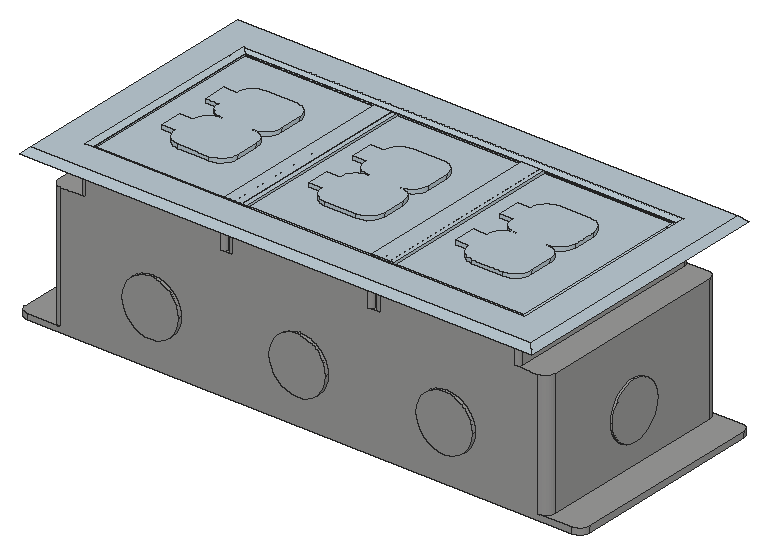
Revit family "Electrical_Equipment-Floor_Box-Hubbell_Wiring-3_Gang-Rectangular_Stamped_Steel-B2433", category Electrical Fixtures, host Face, Revit 2015
Parameters (values of type "BA2433 - 3 Gang - Aluminum Collar")
  Unit Height [instance] = 0' - 3 23/32"  # constant formula
  URL = "http://www.hubbell-wiring.com/"
  Right Cover Type [instance] = Covers : SA3825 - Duplex Flap - Aluminum
  Product data url = "https://bimobject.com/hubbellwiring/product/systemone-b2433"
  Product Page URL = "http://ecatalog.hubbell-wiring.com/productinformation/viewcatalog.aspx?Dest=hubbell-wiring.com/press/catalog/L.pdf&Page=4"
  Product Documentation Link = "http://ecatalog.hubbell-wiring.com/press/catalog/L-13.pdf"
  Model = "BA2433"
  Manufacturer = "Hubbell-Wiring"  # constant formula
  Left Cover Type [instance] = Covers : SA3825 - Duplex Flap - Aluminum
  Floor Box Type = Stamped Steel Concrete Floor Box : BA2433 - Deep Concrete Floor Box
  Description = "Flush Rectangular Stamped Steel Concrete Floor Box"  # constant formula
  Default Elevation = 0' - 0"
  Cover Accessory Type [instance] = Carpet Flange : SA3085 - Carpet Flange - Aluminum
  Construction Note [instance] = "Match Collar Material to Covers"  # constant formula
  Conduit Connector_9 Description = "Conduit 1.25in, 1.0in or 0.75in. Connection"
  Conduit Connector_8 Description = "Conduit 1.25in, 1.0in or 0.75in. Connection"
  Conduit Connector_7 Description = "Conduit 1.25in, 1.0in or 0.75in. Connection"
  Conduit Connector_6 Description = "Conduit 1.25in, 1.0in or 0.75in. Connection"
  Conduit Connector_5 Description = "Conduit 1.25in, 1.0in or 0.75in. Connection"
  Conduit Connector_4 Description = "Conduit 1.25in, 1.0in or 0.75in. Connection"
  Conduit Connector_3 Description = "Conduit 1.25in, 1.0in or 0.75in. Connection"
  Conduit Connector_2 Description = "Conduit 1.25in, 1.0in or 0.75in. Connection"
  Conduit Connector_14 Description = "Conduit 1.25in, 1.0in or 0.75in. Connection"
  Conduit Connector_13 Description = "Conduit 1.25in, 1.0in or 0.75in. Connection"
  Conduit Connector_12 Description = "Conduit 1.25in, 1.0in or 0.75in. Connection"
  Conduit Connector_11 Description = "Conduit 1.25in, 1.0in or 0.75in. Connection"
  Conduit Connector_10 Description = "Conduit 1.25in, 1.0in or 0.75in. Connection"
  Conduit Connector_1 Description = "Conduit 1.25in, 1.0in or 0.75in. Connection"
  Conduit Connector 1 Radius = 0' - 0 5/8"
  Collar Material = Metal-Hubbell-Aluminum
  Center Cover Type [instance] = Covers : SA3825 - Duplex Flap - Aluminum
  Box Material = Metal-Hubbell-Stamped Steel
  Assembly Code = "D5020115"
Types (2): name | Right Cover Type | Model | Left Cover Type | Floor Box Type | Cover Accessory Type | Collar Material | Center Cover Type
  B2433 - 3 Gang - Brass Collar | Covers : S3825 - Duplex Flap - Brass | "B2433" | Covers : S3825 - Duplex Flap - Brass | Stamped Steel Concrete Floor Box : B2433 - Deep Concrete Floor Box | Carpet Flange : SB3085 - Carpet Flange - Brass | Metal-Hubbell-Brass | Covers : S3825 - Duplex Flap - Brass
  BA2433 - 3 Gang - Aluminum Collar | Covers : SA3825 - Duplex Flap - Aluminum | "BA2433" | Covers : SA3825 - Duplex Flap - Aluminum | Stamped Steel Concrete Floor Box : BA2433 - Deep Concrete Floor Box | Carpet Flange : SA3085 - Carpet Flange - Aluminum | Metal-Hubbell-Aluminum | Covers : SA3825 - Duplex Flap - Aluminum
Reference planes (in)
  plane 1 "Center (Front/Back)": y = 0
  plane 2: z = 0
  plane 3 "Center (Left/Right)": x = 0
  plane 4: y = -2.078
  plane 5: y = 2.078
  plane 6: x = -4.8627
  plane 7: x = 4.8627
Forms (in)
  Extrusion 1, void, detail levels fine
    sketch origin (0, 0, 0) x (1, 0, 0) y (0, 1, 0)
      loop
        line (-4.8627, 2.078) -> (-4.8627, -2.078) -> (4.8627, -2.078) -> (4.8627, 2.078) -> (-4.8627, 2.078)
    from 0 to -3.71875
Lines and regions (in)
  symbolic lines
    curve 1: line (-5.66992, 3, 0) -> (5.66992, 3, 0)
    curve 2: line (-5.66992, -3, 0) -> (-5.66992, 3, 0)
    curve 3: line (5.66992, -3, 0) -> (-5.66992, -3, 0)
    curve 4: line (5.66992, 3, 0) -> (5.66992, -3, 0)
Dimensions and locks (in)
  host face to nested 2 = 0' - 0 11/256"
  plane 5 to plane 1 "Center (Front/Back)" to plane 4 = 0' - 2.078" locked, 0' - 2.078" locked
  plane 6 to plane 3 "Center (Left/Right)" to plane 7 = 0' - 4.8627", 0' - 4.8627"
  Extrusion 1 to plane 3 "Center (Left/Right)" = 0' - 4.8627"
  plane 6 to plane 3 "Center (Left/Right)" to plane 7 = 0' - 4.8627" locked, 0' - 4.8627" locked
  nested 5 to host face = 0' - 0 1/16"
  locked: host face to nested 2 at 0.09313
  aligned and locked: plane 2 to host face
  aligned and locked: level to host face
  aligned: level to Extrusion 1
  aligned and locked: plane 1 "Center (Front/Back)" to nested 1
  aligned and locked: plane 3 "Center (Left/Right)" to nested 1
  aligned: nested 1 to plane 2  (x3)
  aligned: nested 1 to Extrusion 1  (x2)
  aligned and locked: host face to Extrusion 1
  aligned: plane 3 "Center (Left/Right)" to nested 2
  aligned and locked: plane 1 "Center (Front/Back)" to nested 2
  aligned and locked: Extrusion 1 to plane 5
  aligned and locked: Extrusion 1 to plane 4
  aligned and locked: plane 6 to Extrusion 1
  aligned and locked: plane 7 to Extrusion 1
  aligned and locked: plane 1 "Center (Front/Back)" to nested 3
  aligned and locked: plane 3 "Center (Left/Right)" to nested 4
  aligned and locked: plane 1 "Center (Front/Back)" to nested 4
  aligned: plane 2 to nested 2
  aligned and locked: nested 1 to plane 2
  aligned and locked: nested 2 to nested 4
  aligned and locked: nested 2 to nested 3
  aligned and locked: curve 1 to nested 1
  aligned and locked: curve 2 to nested 1
  aligned and locked: curve 3 to nested 1
  aligned and locked: curve 4 to nested 1
Nested families (in)
  nested 1: "Carpet Flange" at (0, 0, 0), type <- "Cover Accessory Type", type "SA3085 - Carpet Flange - Aluminum"
  nested 2: "Covers" at (-3.25824, 0, -0.04297), type <- "Left Cover Type", type "SA3825 - Duplex Flap - Aluminum"
  nested 3: "Covers" at (3.2578, 0, -0.04297), type <- "Right Cover Type", type "SA3825 - Duplex Flap - Aluminum"
  nested 4: "Covers" at (0, 0, -0.04297), type <- "Center Cover Type", type "SA3825 - Duplex Flap - Aluminum"
  nested 5: "Stamped Steel Concrete Floor Box" at (0, 0, 0), Unit Height <- "Unit Height", type <- "Floor Box Type", type "BA2433 - Deep Concrete Floor Box"
    with Unit Height 0' - 3 23/32"
Connectors (in)
  cabletrayconduit at (-3.25824, -2.4075, -2.46875), diameter 1.25, driven by "Conduit Connector 1 Radius", driven by "Conduit Connector_1 Description"
    settings: on nested 5, index 1, connector width 1' - 0", connector height 1' - 0", connector angle 0.00°, system type 32, placement type 0, profile type 0, connector reference index -1, is primary connector yes, connector utility param no, connector description "Conduit 1.25in, 1.0in or 0.75in. Connection"
  cabletrayconduit at (0, -2.4075, -2.46875), diameter 1.25, driven by "Conduit Connector 1 Radius", driven by "Conduit Connector_2 Description"
    settings: on nested 5, index 2, connector width 1' - 0", connector height 1' - 0", connector angle 0.00°, system type 32, placement type 0, profile type 0, connector reference index -1, is primary connector no, connector utility param no, connector description "Conduit 1.25in, 1.0in or 0.75in. Connection"
  cabletrayconduit at (3.25824, -2.4075, -2.46875), diameter 1.25, driven by "Conduit Connector 1 Radius", driven by "Conduit Connector_3 Description"
    settings: on nested 5, index 3, connector width 1' - 0", connector height 1' - 0", connector angle 0.00°, system type 32, placement type 0, profile type 0, connector reference index -1, is primary connector no, connector utility param no, connector description "Conduit 1.25in, 1.0in or 0.75in. Connection"
  cabletrayconduit at (5.55938, 0, -2.46875), diameter 1.25, driven by "Conduit Connector 1 Radius", driven by "Conduit Connector_4 Description"
    settings: on nested 5, index 4, connector width 1' - 0", connector height 1' - 0", connector angle 0.00°, system type 32, placement type 0, profile type 0, connector reference index -1, is primary connector no, connector utility param no, connector description "Conduit 1.25in, 1.0in or 0.75in. Connection"
  cabletrayconduit at (3.25824, 2.4075, -2.46875), diameter 1.25, driven by "Conduit Connector 1 Radius", driven by "Conduit Connector_5 Description"
    settings: on nested 5, index 5, connector width 1' - 0", connector height 1' - 0", connector angle 0.00°, system type 32, placement type 0, profile type 0, connector reference index -1, is primary connector no, connector utility param no, connector description "Conduit 1.25in, 1.0in or 0.75in. Connection"
  cabletrayconduit at (0, 2.4075, -2.46875), diameter 1.25, driven by "Conduit Connector 1 Radius", driven by "Conduit Connector_6 Description"
    settings: on nested 5, index 6, connector width 1' - 0", connector height 1' - 0", connector angle 0.00°, system type 32, placement type 0, profile type 0, connector reference index -1, is primary connector no, connector utility param no, connector description "Conduit 1.25in, 1.0in or 0.75in. Connection"
  cabletrayconduit at (-3.25824, 2.4075, -2.46875), diameter 1.25, driven by "Conduit Connector 1 Radius", driven by "Conduit Connector_7 Description"
    settings: on nested 5, index 7, connector width 1' - 0", connector height 1' - 0", connector angle 0.00°, system type 32, placement type 0, profile type 0, connector reference index -1, is primary connector no, connector utility param no, connector description "Conduit 1.25in, 1.0in or 0.75in. Connection"
  cabletrayconduit at (-5.56562, 0, -2.46875), diameter 1.25, driven by "Conduit Connector 1 Radius", driven by "Conduit Connector_8 Description"
    settings: on nested 5, index 8, connector width 1' - 0", connector height 1' - 0", connector angle 0.00°, system type 32, placement type 0, profile type 0, connector reference index -1, is primary connector no, connector utility param no, connector description "Conduit 1.25in, 1.0in or 0.75in. Connection"
  cabletrayconduit at (-3.25824, -1, -3.78125), diameter 1.25, driven by "Conduit Connector 1 Radius", driven by "Conduit Connector_9 Description"
    settings: on nested 5, index 9, connector width 1' - 0", connector height 1' - 0", connector angle 0.00°, system type 32, placement type 0, profile type 0, connector reference index -1, is primary connector no, connector utility param no, connector description "Conduit 1.25in, 1.0in or 0.75in. Connection"
  cabletrayconduit at (0, -1, -3.78125), diameter 1.25, driven by "Conduit Connector 1 Radius", driven by "Conduit Connector_10 Description"
    settings: on nested 5, index 10, connector width 1' - 0", connector height 1' - 0", connector angle 0.00°, system type 32, placement type 0, profile type 0, connector reference index -1, is primary connector no, connector utility param no, connector description "Conduit 1.25in, 1.0in or 0.75in. Connection"
  cabletrayconduit at (3.25824, -1, -3.78125), diameter 1.25, driven by "Conduit Connector 1 Radius", driven by "Conduit Connector_11 Description"
    settings: on nested 5, index 11, connector width 1' - 0", connector height 1' - 0", connector angle 0.00°, system type 32, placement type 0, profile type 0, connector reference index -1, is primary connector no, connector utility param no, connector description "Conduit 1.25in, 1.0in or 0.75in. Connection"
  cabletrayconduit at (3.25824, 1, -3.78125), diameter 1.25, driven by "Conduit Connector 1 Radius", driven by "Conduit Connector_12 Description"
    settings: on nested 5, index 12, connector width 1' - 0", connector height 1' - 0", connector angle 0.00°, system type 32, placement type 0, profile type 0, connector reference index -1, is primary connector no, connector utility param no, connector description "Conduit 1.25in, 1.0in or 0.75in. Connection"
  cabletrayconduit at (0, 1, -3.78125), diameter 1.25, driven by "Conduit Connector 1 Radius", driven by "Conduit Connector_13 Description"
    settings: on nested 5, index 13, connector width 1' - 0", connector height 1' - 0", connector angle 0.00°, system type 32, placement type 0, profile type 0, connector reference index -1, is primary connector no, connector utility param no, connector description "Conduit 1.25in, 1.0in or 0.75in. Connection"
  cabletrayconduit at (-3.25824, 1, -3.78125), diameter 1.25, driven by "Conduit Connector 1 Radius", driven by "Conduit Connector_14 Description"
    settings: on nested 5, index 14, connector width 1' - 0", connector height 1' - 0", connector angle 0.00°, system type 32, placement type 0, profile type 0, connector reference index -1, is primary connector no, connector utility param no, connector description "Conduit 1.25in, 1.0in or 0.75in. Connection"
Definition of nested family "Carpet Flange"
  Parameters
    Width = 0' - 6"
    Length = 0' - 11 87/256"  # constant formula
    Cover Material = none
    Carpet Flange On = yes
    Assembly Code = ""
  Reference planes (in)
    plane 1 "Center (Front/Back)": y = 0
    plane 2: z = 0
    plane 3 "Center (Left/Right)": x = 0
    plane 4: z = 0.125
  Forms (in)
    Sweep 1, solid, material <- "Cover Material", visible <- "Carpet Flange On"
      path in 3D
        loop
          line (-5.66992, -3, 0) -> (5.66992, -3, 0) -> (5.66992, 3, 0) -> (-5.66992, 3, 0) -> (-5.66992, -3, 0)
      profile origin (-5.66992, 0, 0) x (1, 0, 0) y (0, 0, 1)
        loop
          line (0, 0) -> (0.91498, 0) -> (0.91498, 0.03877) -> (0.79, 0.125) -> (0.125, 0.125) -> (0, 0)
  Lines and regions (in)
    Masking region 1
      outline origin (3.27995, 0.00006, 0) x (1, 0, 0) y (0, 1, 0)
        loop
          line (-8.94987, 3.00006) -> (-8.94987, -3.00006) -> (2.38997, -3.00006) -> (2.38997, 3.00006) -> (-8.94987, 3.00006)
    reference lines
      curve 1: line (-5.66992, 3, 0) -> (-5.66992, -3, 0)
      curve 2: line (-5.66992, -3, 0) -> (5.66992, -3, 0)
      curve 3: line (5.66992, -3, 0) -> (5.66992, 3, 0)
      curve 4: line (5.66992, 3, 0) -> (-5.66992, 3, 0)
    sketch lines
      curve 5: line (-5.66992, 3, 0) -> (-5.66992, -3, 0)
      curve 6: line (5.66992, 3, 0) -> (-5.66992, 3, 0)
      curve 7: line (5.66992, -3, 0) -> (5.66992, 3, 0)
      curve 8: line (-5.66992, -3, 0) -> (5.66992, -3, 0)
  Dimensions and locks (in)
    "Length": curve 1 to curve 3
    equal spacing: curve 1, plane 3 "Center (Left/Right)", curve 3
    aligned and locked: plane 2 to level
    aligned and locked: curve 7 to curve 3
    aligned and locked: Masking region 1 to curve 3
    aligned and locked: Masking region 1 to curve 1
    aligned and locked: curve 5 to curve 1
  Automatic sketch dimensions
    plane 1 "Center (Front/Back)" to curve 1 = 0' - 3"
    curve 3 to plane 1 "Center (Front/Back)" = 0' - 3"
    Masking region 1 sketch curve to plane 3 "Center (Left/Right)" = 0' - 5.66992"
    plane 3 "Center (Left/Right)" to Masking region 1 sketch curve = 0' - 5.66992"
    plane 1 "Center (Front/Back)" to Masking region 1 sketch curve = 0' - 3"
    Masking region 1 sketch curve to plane 1 "Center (Front/Back)" = 0' - 3.00011"
    profile plane to Sweep 1 sketch curve = 0' - 0"  (x2)
    Sweep 1 sketch curve to plane 4 = 0' - 0"
    Sweep 1 sketch curve to profile plane = 0' - 0"  (x2)
    Sweep 1 sketch curve to profile plane = 0' - 0 1/8"
    Sweep 1 sketch curve to Sweep 1 sketch curve = 0' - 0.665"
    Sweep 1 sketch curve to Sweep 1 sketch curve = 0' - 0 1/8"
    profile plane to Sweep 1 sketch curve = 0' - 0.03877"
Definition of nested family "Covers"
  Parameters
    Style Line Flap = no
    Duplex Screw = no
    Duplex Flap = yes
    Cover Material = none
    Combination Flap = no
    Box = yes
    Assembly Code = ""
  Reference planes (in)
    plane 1 "Center (Front/Back)": y = 0
    plane 2: z = 0
    plane 3 "Center (Left/Right)": x = 0
  Forms (in)
    Extrusion 1, solid, material <- "Cover Material", visible <- "Duplex Flap", detail levels medium+fine
      sketch origin (0, 0, -0.03016) x (1, 0, 0) y (0, 1, 0)
        loop
          arc (-0.34332, 1.20711) -> (-0.59332, 1.10355) -> (-0.69687, 0.85355) r 0.35355
          line (-0.69687, 0.85355) -> (-0.98976, 0.85355) -> (-0.98976, 0.35355) -> (-0.69687, 0.35355)
          arc (-0.69687, 0.35355) -> (-0.59332, 0.10355) -> (-0.34332, 0) r 0.35355
          arc (-0.34332, 0) -> (-0.59332, -0.10355) -> (-0.69687, -0.35355) r 0.35355
          line (-0.69687, -0.35355) -> (-0.98976, -0.35355) -> (-0.98976, -0.85355) -> (-0.69687, -0.85355)
          arc (-0.69687, -0.85355) -> (-0.59332, -1.10355) -> (-0.34332, -1.20711) r 0.35355
          line (-0.34332, -1.20711) -> (0.34332, -1.20711)
          arc (0.34332, -1.20711) -> (0.59332, -1.10355) -> (0.69687, -0.85355) r 0.35355
          line (0.69687, -0.85355) -> (0.69687, -0.35355)
          arc (0.69687, -0.35355) -> (0.59332, -0.10355) -> (0.34332, 0) r 0.35355
          arc (0.34332, 0) -> (0.59332, 0.10355) -> (0.69687, 0.35355) r 0.35355
          line (0.69687, 0.35355) -> (0.69687, 0.85355)
          arc (0.69687, 0.85355) -> (0.59332, 1.10355) -> (0.34332, 1.20711) r 0.35355
          line (0.34332, 1.20711) -> (-0.34332, 1.20711)
      from 0.12 to 0.20228
    Extrusion 2, solid, material <- "Cover Material", visible <- "Combination Flap", detail levels medium+fine
      sketch origin (0.0053, 0, -0.03016) x (1, 0, 0) y (0, 1, 0)
        loop
          circle (0, 0) r 1
        loop
          line (-0.08565, 0.54465) -> (-0.08565, -0.54465) -> (0.0625, -0.54465) -> (0.0625, 0.54465) -> (-0.08565, 0.54465)
      from 0.12 to 0.20228
    Extrusion 3, solid, material <- "Cover Material", visible <- "Duplex Screw", detail levels medium+fine
      sketch origin (0.01567, 0.75003, -0.03016) x (1, 0, 0) y (0, 1, 0)
        loop
          circle (-0.01567, -0.00003) r 0.75
        loop
          line (-0.07309, 0.39733) -> (-0.07309, -0.41965) -> (0.0625, -0.41965) -> (0.0625, 0.39733) -> (-0.07309, 0.39733)
      from 0.12 to 0.20228
    Extrusion 4, solid, material <- "Cover Material", visible <- "Duplex Screw", detail levels medium+fine
      sketch origin (-0.01567, -0.75003, -0.03016) x (-1, 0, 0) y (0, -1, 0)
        loop
          circle (-0.01567, -0.00003) r 0.75
        loop
          line (-0.07309, 0.39733) -> (-0.07309, -0.41965) -> (0.0625, -0.41965) -> (0.0625, 0.39733) -> (-0.07309, 0.39733)
      from 0.12 to 0.20228
    Extrusion 5, solid, material <- "Cover Material", visible <- "Box"
      sketch origin (0, 0, 0.38984) x (1, 0, 0) y (0, 1, 0)
        loop
          line (-1.4965, 2.078) -> (-1.4965, -2.078) -> (1.4965, -2.078) -> (1.4965, 2.078) -> (-1.4965, 2.078)
      from -0.44 to -0.3
    Extrusion 6, solid, material <- "Cover Material", visible <- "Style Line Flap", detail levels medium+fine
      sketch origin (0, 0, -0.03016) x (1, 0, 0) y (0, 1, 0)
        loop
          line (-0.69687, 1.20711) -> (-0.69687, 0.85355) -> (-0.98976, 0.85355) -> (-0.98976, 0.35355) -> (-0.69687, 0.35355) -> (-0.69687, -0.35355) -> (-0.98976, -0.35355) -> (-0.98976, -0.85355) -> (-0.69687, -0.85355) -> (-0.69687, -1.20711) -> (0.69687, -1.20711) -> (0.69687, -0.24767) -> (0.69687, 1.20711) -> (-0.69687, 1.20711)
      from 0.12 to 0.20228
  Lines and regions (in)
    Masking region 1, detail levels medium+fine
      outline origin (0, 0, 0) x (1, 0, 0) y (0, 1, 0)
        loop
          line (-1.4965, 2.078) -> (-1.4965, -2.078) -> (1.4965, -2.078) -> (1.4965, 2.078) -> (-1.4965, 2.078)
    symbolic lines, visible <- "Duplex Screw", detail levels fine
      curve 1: arc (0, 1.5, 0) -> (-0.75, 0.75, 0) -> (0, 0, 0) r 0.75
      curve 2: arc (0, 0, 0) -> (0.75, 0.75, 0) -> (0, 1.5, 0) r 0.75
      curve 3: line (0.07893, 1.16886, 0) -> (0.07893, 0.35188, 0)
      curve 4: line (0.07893, 0.35188, 0) -> (-0.05666, 0.35188, 0)
      curve 5: line (-0.05666, 0.35188, 0) -> (-0.05666, 1.16886, 0)
      curve 6: line (-0.05666, 1.16886, 0) -> (0.07893, 1.16886, 0)
      curve 7: arc (0, 0, 0) -> (-0.75, -0.75, 0) -> (0, -1.5, 0) r 0.75
      curve 8: arc (0, -1.5, 0) -> (0.75, -0.75, 0) -> (0, 0, 0) r 0.75
      curve 9: line (-0.05666, -1.14812, 0) -> (-0.05666, -0.33114, 0)
      curve 10: line (0.07893, -1.14812, 0) -> (-0.05666, -1.14812, 0)
      curve 11: line (0.07893, -0.33114, 0) -> (0.07893, -1.14812, 0)
      curve 12: line (-0.05666, -0.33114, 0) -> (0.07893, -0.33114, 0)
    symbolic lines, visible <- "Duplex Flap", detail levels fine
      curve 13: arc (-0.69687, -0.85355, 0) -> (-0.59332, -1.10355, 0) -> (-0.34332, -1.20711, 0) r 0.35355
      curve 14: line (-0.34332, -1.20711, 0) -> (0.34332, -1.20711, 0)
      curve 15: arc (0.34332, -1.20711, 0) -> (0.59332, -1.10355, 0) -> (0.69687, -0.85355, 0) r 0.35355
      curve 16: line (0.69687, -0.85355, 0) -> (0.69687, -0.35355, 0)
      curve 17: arc (0.69687, -0.35355, 0) -> (0.59332, -0.10355, 0) -> (0.34332, 0, 0) r 0.35355
      curve 18: arc (0.34332, 0, 0) -> (0.59332, 0.10355, 0) -> (0.69687, 0.35355, 0) r 0.35355
      curve 19: line (0.69687, 0.35355, 0) -> (0.69687, 0.85355, 0)
      curve 20: arc (0.69687, 0.85355, 0) -> (0.59332, 1.10355, 0) -> (0.34332, 1.20711, 0) r 0.35355
      curve 21: line (0.34332, 1.20711, 0) -> (-0.34332, 1.20711, 0)
      curve 22: arc (-0.34332, 1.20711, 0) -> (-0.59332, 1.10355, 0) -> (-0.69687, 0.85355, 0) r 0.35355
      curve 23: line (-0.69687, 0.85355, 0) -> (-0.98976, 0.85355, 0)
      curve 24: line (-0.98976, 0.85355, 0) -> (-0.98976, 0.35355, 0)
      curve 25: line (-0.98976, 0.35355, 0) -> (-0.69687, 0.35355, 0)
      curve 26: arc (-0.69687, 0.35355, 0) -> (-0.59332, 0.10355, 0) -> (-0.34332, 0, 0) r 0.35355
      curve 27: arc (-0.34332, 0, 0) -> (-0.59332, -0.10355, 0) -> (-0.69687, -0.35355, 0) r 0.35355
      curve 28: line (-0.69687, -0.35355, 0) -> (-0.98976, -0.35355, 0)
      curve 29: line (-0.98976, -0.35355, 0) -> (-0.98976, -0.85355, 0)
      curve 30: line (-0.98976, -0.85355, 0) -> (-0.69687, -0.85355, 0)
    symbolic lines, visible <- "Combination Flap", detail levels fine
      curve 31: arc (-0.9947, 0, 0) -> (0.0053, -1, 0) -> (1.0053, 0, 0) r 1
      curve 32: arc (1.0053, 0, 0) -> (0.0053, 1, 0) -> (-0.9947, 0, 0) r 1
      curve 33: line (-0.08035, -0.54465, 0) -> (-0.08035, 0.54465, 0)
      curve 34: line (-0.08035, 0.54465, 0) -> (0.0678, 0.54465, 0)
      curve 35: line (0.0678, 0.54465, 0) -> (0.0678, -0.54465, 0)
      curve 36: line (0.0678, -0.54465, 0) -> (-0.08035, -0.54465, 0)
    symbolic lines, visible <- "Style Line Flap", detail levels fine
      curve 37: line (0.69687, 1.20711, 0) -> (-0.69687, 1.20711, 0)
      curve 38: line (-0.69687, 1.20711, 0) -> (-0.69687, 0.85355, 0)
      curve 39: line (-0.69687, 0.85355, 0) -> (-0.98976, 0.85355, 0)
      curve 40: line (-0.98976, 0.85355, 0) -> (-0.98976, 0.35355, 0)
      curve 41: line (-0.98976, 0.35355, 0) -> (-0.69687, 0.35355, 0)
      curve 42: line (-0.69687, 0.35355, 0) -> (-0.69687, -0.35355, 0)
      curve 43: line (-0.69687, -0.35355, 0) -> (-0.98976, -0.35355, 0)
      curve 44: line (-0.98976, -0.35355, 0) -> (-0.98976, -0.85355, 0)
      curve 45: line (-0.98976, -0.85355, 0) -> (-0.69687, -0.85355, 0)
      curve 46: line (-0.69687, -0.85355, 0) -> (-0.69687, -1.20711, 0)
      curve 47: line (-0.69687, -1.20711, 0) -> (0.69687, -1.20711, 0)
      curve 48: line (0.69687, -1.20711, 0) -> (0.69687, -0.24767, 0)
      curve 49: line (0.69687, -0.24767, 0) -> (0.69687, 1.20711, 0)
  Dimensions and locks (in)
    aligned and locked: plane 2 to level
Definition of nested family "Stamped Steel Concrete Floor Box"
  Parameters
    Unit Height [instance] = 0' - 3 23/32"  # constant formula
    Cover Material = none
    Conduit Connector Offset = 0' - 1 1/4"  # constant formula
    Conduit Connector 1 Radius = 0' - 0 5/8"
    Can Material = none
    Assembly Code = ""
  Reference planes (in)
    plane 1 "Center (Front/Back)": y = 0
    plane 2: z = 0
    plane 3 "Center (Left/Right)": x = 0
    plane 4: z = -3.71875
    plane 5: z = -2.46875
    plane 6: z = -0.82416
    plane 7: z = -3.59375
    plane 8: x = -3.25824
    plane 9: x = 3.2578
  Forms (in)
    Extrusion 1, solid, material <- "Can Material"
      sketch origin (0.07413, -0.25, 0) x (0, 1, 0) y (0, 0, -1)
        loop
          arc (-0.375, 2.46875) -> (-0.19194, 2.02681) -> (0.25, 1.84375) r 0.625
          arc (0.25, 1.84375) -> (0.69194, 2.02681) -> (0.875, 2.46875) r 0.625
          arc (0.875, 2.46875) -> (0.69194, 2.91069) -> (0.25, 3.09375) r 0.625
          arc (0.25, 3.09375) -> (-0.19194, 2.91069) -> (-0.375, 2.46875) r 0.625
      from -5.42275 to -5.48525
    Extrusion 2, solid, material <- "Can Material"
      sketch origin (0, 0, 0) x (0, 1, 0) y (0, 0, 1)
        loop
          arc (-0.625, -2.46875) -> (-0.44194, -2.91069) -> (0, -3.09375) r 0.625
          arc (0, -3.09375) -> (0.44194, -2.91069) -> (0.625, -2.46875) r 0.625
          arc (0.625, -2.46875) -> (0.44194, -2.02681) -> (0, -1.84375) r 0.625
          arc (0, -1.84375) -> (-0.44194, -2.02681) -> (-0.625, -2.46875) r 0.625
      from -5.50312 to -5.56562
    Extrusion 3, solid, material <- "Can Material"
      sketch origin (0.92025, 0.30752, 7.9375) x (1, 0, 0) y (0, 1, 0)
        loop
          arc (-6.21356, 2.03748) -> (-6.36192, 1.97602) -> (-6.42337, 1.82766) r 0.20982
          line (-6.42337, 1.82766) -> (-6.42337, -2.43885)
          arc (-6.42337, -2.43885) -> (-6.36267, -2.5854) -> (-6.21613, -2.6461) r 0.20725
          line (-6.21613, -2.6461) -> (4.36024, -2.6461)
          arc (4.36024, -2.6461) -> (4.51325, -2.58272) -> (4.57663, -2.42971) r 0.21639
          line (4.57663, -2.42971) -> (4.57663, 1.83391)
          arc (4.57663, 1.83391) -> (4.517, 1.97785) -> (4.37306, 2.03748) r 0.20357
          line (4.37306, 2.03748) -> (-6.21356, 2.03748)
      from -11.53125 to -8.76166
    Extrusion 4, solid, material <- "Can Material"
      sketch origin (0.92025, 0.30752, 7.9375) x (1, 0, 0) y (0, 1, 0)
        loop
          arc (-6.95944, 2.03748) -> (-7.1078, 1.97602) -> (-7.16925, 1.82766) r 0.20982
          line (-7.16925, 1.82766) -> (-7.16925, -2.43885)
          arc (-7.16925, -2.43885) -> (-7.10855, -2.5854) -> (-6.96201, -2.6461) r 0.20725
          line (-6.96201, -2.6461) -> (5.11436, -2.6461)
          arc (5.11436, -2.6461) -> (5.26737, -2.58272) -> (5.33075, -2.42971) r 0.21639
          line (5.33075, -2.42971) -> (5.33075, 1.83391)
          arc (5.33075, 1.83391) -> (5.27112, 1.97785) -> (5.12718, 2.03748) r 0.20357
          line (5.12718, 2.03748) -> (-6.95944, 2.03748)
      from -11.65625 to -11.53125
    Extrusion 5, solid, material <- "Cover Material"
      sketch origin (0, 0, 0) x (-1, 0, 0) y (0, -1, 0)
        loop
          line (-1.49742, -2.345) -> (1.4983, -2.345)
          arc (1.4983, -2.345) -> (1.56871, -2.31584) -> (1.59787, -2.24543) r 0.09957
          line (1.59787, -2.24543) -> (1.59787, 2.23893)
          arc (1.59787, 2.23893) -> (1.56869, 2.30939) -> (1.49823, 2.33857) r 0.09964
          line (1.49823, 2.33857) -> (-1.49756, 2.33857)
          arc (-1.49756, 2.33857) -> (-1.57315, 2.30726) -> (-1.60446, 2.23167) r 0.1069
          line (-1.60446, 2.23167) -> (-1.60446, -2.23796)
          arc (-1.60446, -2.23796) -> (-1.57311, -2.31365) -> (-1.49742, -2.345) r 0.10704
        loop
          line (-1.4965, -2.078) -> (1.4965, -2.078) -> (1.4965, 2.078) -> (-1.4965, 2.078) -> (-1.4965, -2.078)
      from 0 to 0.0625
    Extrusion 6, solid, material <- "Cover Material"
      sketch origin (0, 0, 0.22509) x (-1, 0, 0) y (0, -1, 0)
        loop
          line (-1.4965, -2.078) -> (1.4965, -2.078) -> (1.4965, 2.078) -> (-1.4965, 2.078) -> (-1.4965, -2.078)
        loop
          line (-1.49742, -2.345) -> (1.4983, -2.345)
          arc (1.4983, -2.345) -> (1.56871, -2.31584) -> (1.59787, -2.24543) r 0.09957
          line (1.59787, -2.24543) -> (1.59787, 2.23893)
          arc (1.59787, 2.23893) -> (1.56869, 2.30939) -> (1.49823, 2.33857) r 0.09964
          line (1.49823, 2.33857) -> (-1.49756, 2.33857)
          arc (-1.49756, 2.33857) -> (-1.57315, 2.30726) -> (-1.60446, 2.23167) r 0.1069
          line (-1.60446, 2.23167) -> (-1.60446, -2.23796)
          arc (-1.60446, -2.23796) -> (-1.57311, -2.31365) -> (-1.49742, -2.345) r 0.10704
      from -0.39425 to -0.22509
    Extrusion 7, solid, material <- "Can Material"
      sketch origin (0, 0, 7.9375) x (-1, 0, 0) y (0, -1, 0)
        loop
          line (-1.4965, -2.078) -> (1.4965, -2.078) -> (1.4965, 2.078) -> (-1.4965, 2.078) -> (-1.4965, -2.078)
        loop
          arc (-1.60446, -2.23796) -> (-1.57311, -2.31365) -> (-1.49742, -2.345) r 0.10704
          line (-1.49742, -2.345) -> (1.4983, -2.345)
          arc (1.4983, -2.345) -> (1.56871, -2.31584) -> (1.59787, -2.24543) r 0.09957
          line (1.59787, -2.24543) -> (1.59787, 2.23893)
          arc (1.59787, 2.23893) -> (1.56869, 2.30939) -> (1.49823, 2.33857) r 0.09964
          line (1.49823, 2.33857) -> (-1.49756, 2.33857)
          arc (-1.49756, 2.33857) -> (-1.57315, 2.30726) -> (-1.60446, 2.23167) r 0.1069
          line (-1.60446, 2.23167) -> (-1.60446, -2.23796)
      from -8.76166 to -8.10666
    Extrusion 8, solid, material <- "Cover Material"
      sketch origin (-1.62912, 0, 0) x (1, 0, 0) y (0, 1, 0)
        loop
          line (-0.25356, 2.078) -> (-0.25356, -2.078) -> (0.25356, -2.078) -> (0.25356, 2.078) -> (-0.25356, 2.078)
      from 0 to 0.07813
    Extrusion 9, solid, material <- "Cover Material"
      sketch origin (1.62912, 0, 0) x (-1, 0, 0) y (0, -1, 0)
        loop
          line (-0.25356, -2.078) -> (0.25356, -2.078) -> (0.25356, 2.078) -> (-0.25356, 2.078) -> (-0.25356, -2.078)
      from 0 to 0.07813
    Extrusion 10, solid, material <- "Can Material"
      sketch origin (0, 1, 0) x (-1, 0, 0) y (0, -1, 0)
        loop
          circle (0, 0) r 0.625
      from -3.71875 to -3.78125
    Extrusion 11, solid, material <- "Can Material"
      sketch origin (0, -1, 0) x (-1, 0, 0) y (0, -1, 0)
        loop
          circle (0, 0) r 0.625
      from -3.71875 to -3.78125
    Extrusion 12, solid, material <- "Cover Material"
      sketch origin (3.25824, 0, 0) x (-1, 0, 0) y (0, -1, 0)
        loop
          line (-1.49742, -2.345) -> (1.4983, -2.345)
          arc (1.4983, -2.345) -> (1.56871, -2.31584) -> (1.59787, -2.24543) r 0.09957
          line (1.59787, -2.24543) -> (1.59787, 2.23893)
          arc (1.59787, 2.23893) -> (1.56869, 2.30939) -> (1.49823, 2.33857) r 0.09964
          line (1.49823, 2.33857) -> (-1.49756, 2.33857)
          arc (-1.49756, 2.33857) -> (-1.57315, 2.30726) -> (-1.60446, 2.23167) r 0.1069
          line (-1.60446, 2.23167) -> (-1.60446, -2.23796)
          arc (-1.60446, -2.23796) -> (-1.57311, -2.31365) -> (-1.49742, -2.345) r 0.10704
        loop
          line (-1.4965, -2.078) -> (1.4965, -2.078) -> (1.4965, 2.078) -> (-1.4965, 2.078) -> (-1.4965, -2.078)
      from 0 to 0.0625
    Extrusion 13, solid, material <- "Cover Material"
      sketch origin (3.25824, 0, 0.22509) x (-1, 0, 0) y (0, -1, 0)
        loop
          line (-1.4965, -2.078) -> (1.4965, -2.078) -> (1.4965, 2.078) -> (-1.4965, 2.078) -> (-1.4965, -2.078)
        loop
          line (-1.49742, -2.345) -> (1.4983, -2.345)
          arc (1.4983, -2.345) -> (1.56871, -2.31584) -> (1.59787, -2.24543) r 0.09957
          line (1.59787, -2.24543) -> (1.59787, 2.23893)
          arc (1.59787, 2.23893) -> (1.56869, 2.30939) -> (1.49823, 2.33857) r 0.09964
          line (1.49823, 2.33857) -> (-1.49756, 2.33857)
          arc (-1.49756, 2.33857) -> (-1.57315, 2.30726) -> (-1.60446, 2.23167) r 0.1069
          line (-1.60446, 2.23167) -> (-1.60446, -2.23796)
          arc (-1.60446, -2.23796) -> (-1.57311, -2.31365) -> (-1.49742, -2.345) r 0.10704
      from -0.39425 to -0.22509
    Extrusion 14, solid, material <- "Can Material"
      sketch origin (3.25824, 0, 7.9375) x (-1, 0, 0) y (0, -1, 0)
        loop
          line (-1.4965, -2.078) -> (1.4965, -2.078) -> (1.4965, 2.078) -> (-1.4965, 2.078) -> (-1.4965, -2.078)
        loop
          arc (-1.60446, -2.23796) -> (-1.57311, -2.31365) -> (-1.49742, -2.345) r 0.10704
          line (-1.49742, -2.345) -> (1.4983, -2.345)
          arc (1.4983, -2.345) -> (1.56871, -2.31584) -> (1.59787, -2.24543) r 0.09957
          line (1.59787, -2.24543) -> (1.59787, 2.23893)
          arc (1.59787, 2.23893) -> (1.56869, 2.30939) -> (1.49823, 2.33857) r 0.09964
          line (1.49823, 2.33857) -> (-1.49756, 2.33857)
          arc (-1.49756, 2.33857) -> (-1.57315, 2.30726) -> (-1.60446, 2.23167) r 0.1069
          line (-1.60446, 2.23167) -> (-1.60446, -2.23796)
      from -8.76166 to -8.10666
    Extrusion 15, solid, material <- "Cover Material"
      sketch origin (-3.25824, 0, 0) x (1, 0, 0) y (0, 1, 0)
        loop
          arc (-1.49742, 2.345) -> (-1.57311, 2.31365) -> (-1.60446, 2.23796) r 0.10704
          line (-1.60446, 2.23796) -> (-1.60446, -2.23167)
          arc (-1.60446, -2.23167) -> (-1.57315, -2.30726) -> (-1.49756, -2.33857) r 0.1069
          line (-1.49756, -2.33857) -> (1.49823, -2.33857)
          arc (1.49823, -2.33857) -> (1.56869, -2.30939) -> (1.59787, -2.23893) r 0.09964
          line (1.59787, -2.23893) -> (1.59787, 2.24543)
          arc (1.59787, 2.24543) -> (1.56871, 2.31584) -> (1.4983, 2.345) r 0.09957
          line (1.4983, 2.345) -> (-1.49742, 2.345)
        loop
          line (-1.4965, 2.078) -> (-1.4965, -2.078) -> (1.4965, -2.078) -> (1.4965, 2.078) -> (-1.4965, 2.078)
      from 0 to 0.0625
    Extrusion 16, solid, material <- "Cover Material"
      sketch origin (-3.25824, 0, 0.22509) x (1, 0, 0) y (0, 1, 0)
        loop
          line (-1.4965, 2.078) -> (-1.4965, -2.078) -> (1.4965, -2.078) -> (1.4965, 2.078) -> (-1.4965, 2.078)
        loop
          arc (-1.49742, 2.345) -> (-1.57311, 2.31365) -> (-1.60446, 2.23796) r 0.10704
          line (-1.60446, 2.23796) -> (-1.60446, -2.23167)
          arc (-1.60446, -2.23167) -> (-1.57315, -2.30726) -> (-1.49756, -2.33857) r 0.1069
          line (-1.49756, -2.33857) -> (1.49823, -2.33857)
          arc (1.49823, -2.33857) -> (1.56869, -2.30939) -> (1.59787, -2.23893) r 0.09964
          line (1.59787, -2.23893) -> (1.59787, 2.24543)
          arc (1.59787, 2.24543) -> (1.56871, 2.31584) -> (1.4983, 2.345) r 0.09957
          line (1.4983, 2.345) -> (-1.49742, 2.345)
      from -0.39425 to -0.22509
    Extrusion 17, solid, material <- "Can Material"
      sketch origin (-3.25824, 0, 7.9375) x (1, 0, 0) y (0, 1, 0)
        loop
          line (-1.4965, 2.078) -> (-1.4965, -2.078) -> (1.4965, -2.078) -> (1.4965, 2.078) -> (-1.4965, 2.078)
        loop
          line (-1.60446, 2.23796) -> (-1.60446, -2.23167)
          arc (-1.60446, -2.23167) -> (-1.57315, -2.30726) -> (-1.49756, -2.33857) r 0.1069
          line (-1.49756, -2.33857) -> (1.49823, -2.33857)
          arc (1.49823, -2.33857) -> (1.56869, -2.30939) -> (1.59787, -2.23893) r 0.09964
          line (1.59787, -2.23893) -> (1.59787, 2.24543)
          arc (1.59787, 2.24543) -> (1.56871, 2.31584) -> (1.4983, 2.345) r 0.09957
          line (1.4983, 2.345) -> (-1.49742, 2.345)
          arc (-1.49742, 2.345) -> (-1.57311, 2.31365) -> (-1.60446, 2.23796) r 0.10704
      from -8.76166 to -8.10666
    Extrusion 18, solid, material <- "Can Material"
      sketch origin (-3.25824, 1, 0) x (-1, 0, 0) y (0, -1, 0)
        loop
          circle (0, 0) r 0.625
      from -3.71875 to -3.78125
    Extrusion 19, solid, material <- "Can Material"
      sketch origin (-3.25824, -1, 0) x (-1, 0, 0) y (0, -1, 0)
        loop
          circle (0, 0) r 0.625
      from -3.71875 to -3.78125
    Extrusion 20, solid, material <- "Can Material"
      sketch origin (3.25824, 1, 0) x (1, 0, 0) y (0, 1, 0)
        loop
          circle (0, 0) r 0.625
      from -3.71875 to -3.78125
    Extrusion 21, solid, material <- "Can Material"
      sketch origin (3.25824, -1, 0) x (1, 0, 0) y (0, 1, 0)
        loop
          circle (0, 0) r 0.625
      from -3.71875 to -3.78125
    Extrusion 22, solid, material <- "Can Material"
      sketch origin (-3.25824, 0, 0) x (1, 0, 0) y (0, 0, 1)
        loop
          arc (-0.625, -2.46875) -> (-0.44194, -2.91069) -> (0, -3.09375) r 0.625
          arc (0, -3.09375) -> (0.44194, -2.91069) -> (0.625, -2.46875) r 0.625
          arc (0.625, -2.46875) -> (0.44194, -2.02681) -> (0, -1.84375) r 0.625
          arc (0, -1.84375) -> (-0.44194, -2.02681) -> (-0.625, -2.46875) r 0.625
      from -2.345 to -2.4075
    Extrusion 23, solid, material <- "Can Material"
      sketch origin (-3.25824, 0, 0) x (1, 0, 0) y (0, 0, -1)
        loop
          arc (-0.625, 2.46875) -> (-0.44194, 2.02681) -> (0, 1.84375) r 0.625
          arc (0, 1.84375) -> (0.44194, 2.02681) -> (0.625, 2.46875) r 0.625
          arc (0.625, 2.46875) -> (0.44194, 2.91069) -> (0, 3.09375) r 0.625
          arc (0, 3.09375) -> (-0.44194, 2.91069) -> (-0.625, 2.46875) r 0.625
      from -2.13518 to -2.4075
    Extrusion 24, solid, material <- "Can Material"
      sketch origin (0, 0, 0) x (-1, 0, 0) y (0, 0, 1)
        loop
          arc (-0.625, -2.46875) -> (-0.44194, -2.91069) -> (0, -3.09375) r 0.625
          arc (0, -3.09375) -> (0.44194, -2.91069) -> (0.625, -2.46875) r 0.625
          arc (0.625, -2.46875) -> (0.44194, -2.02681) -> (0, -1.84375) r 0.625
          arc (0, -1.84375) -> (-0.44194, -2.02681) -> (-0.625, -2.46875) r 0.625
      from -2.13518 to -2.4075
    Extrusion 25, solid, material <- "Can Material"
      sketch origin (0, 0, 0) x (-1, 0, 0) y (0, 0, -1)
        loop
          arc (-0.625, 2.46875) -> (-0.44194, 2.02681) -> (0, 1.84375) r 0.625
          arc (0, 1.84375) -> (0.44194, 2.02681) -> (0.625, 2.46875) r 0.625
          arc (0.625, 2.46875) -> (0.44194, 2.91069) -> (0, 3.09375) r 0.625
          arc (0, 3.09375) -> (-0.44194, 2.91069) -> (-0.625, 2.46875) r 0.625
      from -2.345 to -2.4075
    Extrusion 26, solid, material <- "Can Material"
      sketch origin (3.25824, 0, 0) x (-1, 0, 0) y (0, 0, -1)
        loop
          arc (-0.625, 2.46875) -> (-0.44194, 2.02681) -> (0, 1.84375) r 0.625
          arc (0, 1.84375) -> (0.44194, 2.02681) -> (0.625, 2.46875) r 0.625
          arc (0.625, 2.46875) -> (0.44194, 2.91069) -> (0, 3.09375) r 0.625
          arc (0, 3.09375) -> (-0.44194, 2.91069) -> (-0.625, 2.46875) r 0.625
      from -2.345 to -2.4075
    Extrusion 27, solid, material <- "Can Material"
      sketch origin (3.25824, 0, 0) x (-1, 0, 0) y (0, 0, 1)
        loop
          arc (-0.625, -2.46875) -> (-0.44194, -2.91069) -> (0, -3.09375) r 0.625
          arc (0, -3.09375) -> (0.44194, -2.91069) -> (0.625, -2.46875) r 0.625
          arc (0.625, -2.46875) -> (0.44194, -2.02681) -> (0, -1.84375) r 0.625
          arc (0, -1.84375) -> (-0.44194, -2.02681) -> (-0.625, -2.46875) r 0.625
      from -2.13518 to -2.4075
  Cuts and joins
    joined: Extrusion 1, Extrusion 2, Extrusion 3, Extrusion 4, Extrusion 7, Extrusion 10, Extrusion 11, Extrusion 14, Extrusion 17, Extrusion 18, Extrusion 19, Extrusion 20, Extrusion 21, Extrusion 22, Extrusion 23, Extrusion 24, Extrusion 25, Extrusion 26, Extrusion 27
    joined: Extrusion 15, Extrusion 16
    joined: Extrusion 5, Extrusion 6
    joined: Extrusion 12, Extrusion 13
  Dimensions and locks (in)
    "Conduit Connector Offset": plane 5 to plane 4
    "Unit Height": level to plane 4
    locked: plane 7 to plane 4 at 0.125
    "Conduit Connector 1 Radius": radius of Extrusion 1 sketch curve
    "Conduit Connector 1 Radius": radius of Extrusion 2 sketch curve
    "Conduit Connector 1 Radius": radius of Extrusion 10 sketch curve
    "Conduit Connector 1 Radius": radius of Extrusion 11 sketch curve
    "Conduit Connector 1 Radius": radius of Extrusion 18 sketch curve
    "Conduit Connector 1 Radius": radius of Extrusion 19 sketch curve
    "Conduit Connector 1 Radius": radius of Extrusion 20 sketch curve
    "Conduit Connector 1 Radius": radius of Extrusion 21 sketch curve
    "Conduit Connector 1 Radius": radius of Extrusion 22 sketch curve
    "Conduit Connector 1 Radius": radius of Extrusion 23 sketch curve
    "Conduit Connector 1 Radius": radius of Extrusion 24 sketch curve
    "Conduit Connector 1 Radius": radius of Extrusion 25 sketch curve
    "Conduit Connector 1 Radius": radius of Extrusion 26 sketch curve
    "Conduit Connector 1 Radius": radius of Extrusion 27 sketch curve
    aligned and locked: plane 2 to level
    aligned: cut or joined group 1 (Extrusion 1, Extrusion 2, Extrusion 3, Extrusion 4, Extrusion 7, Extrusion 10, Extrusion 11, Extrusion 14, Extrusion 17, Extrusion 18, Extrusion 19, Extrusion 20, Extrusion 21, Extrusion 22, Extrusion 23, Extrusion 24, Extrusion 25, Extrusion 26, Extrusion 27) to cut or joined group 1  (x8)
    aligned: Extrusion 3 to cut or joined group 1
    aligned: plane 4 to Extrusion 3
    aligned: cut or joined group 1 to plane 4  (x6)
    aligned: Extrusion 3 to plane 5
    aligned: cut or joined group 1 to plane 5
    aligned: plane 1 "Center (Front/Back)" to cut or joined group 1
    aligned and locked: Extrusion 4 to plane 4
    aligned and locked: plane 7 to Extrusion 4
    aligned and locked: cut or joined group 1 to plane 7
    aligned and locked: cut or joined group 1 to cut or joined group 1  (x2)
    aligned and locked: Extrusion 7 to Extrusion 6
    aligned and locked: Extrusion 14 to Extrusion 13
    aligned and locked: Extrusion 16 to Extrusion 17
  Automatic sketch dimensions
    Extrusion 1 sketch curve to Extrusion 1 sketch curve = 0' - 0"
    Extrusion 1 sketch curve to plane 5 = 0' - 0"
    Extrusion 1 sketch curve to plane 1 "Center (Front/Back)" = 0' - 0"
    Extrusion 2 sketch curve to Extrusion 2 sketch curve = 0' - 0"
    Extrusion 2 sketch curve to plane 5 = 0' - 0"
    Extrusion 2 sketch curve to plane 1 "Center (Front/Back)" = 0' - 0"
    Extrusion 3 sketch curve to plane 8 = 0' - 2.24488"
    Extrusion 3 sketch curve to Extrusion 3 sketch curve = 0' - 0.20725"
    Extrusion 3 sketch curve to Extrusion 3 sketch curve = 0' - 0.20982"
    Extrusion 3 sketch curve to plane 9 = 0' - 2.02269"
    Extrusion 3 sketch curve to plane 9 = 0' - 2.0355"
    Extrusion 3 sketch curve to Extrusion 3 sketch curve = 0' - 0.20357"
    plane 1 "Center (Front/Back)" to Extrusion 3 sketch curve = 0' - 2.33857"
    Extrusion 3 sketch curve to plane 1 "Center (Front/Back)" = 0' - 2.13518"
    Extrusion 4 sketch curve to plane 8 = 0' - 2.99076"
    Extrusion 4 sketch curve to Extrusion 4 sketch curve = 0' - 0.20725"
    Extrusion 4 sketch curve to Extrusion 4 sketch curve = 0' - 0.20982"
    Extrusion 4 sketch curve to plane 9 = 0' - 2.77681"
    Extrusion 4 sketch curve to plane 9 = 0' - 2.78963"
    Extrusion 4 sketch curve to Extrusion 4 sketch curve = 0' - 0.20357"
    plane 1 "Center (Front/Back)" to Extrusion 4 sketch curve = 0' - 2.33857"
    Extrusion 4 sketch curve to plane 1 "Center (Front/Back)" = 0' - 2.13518"
    plane 3 "Center (Left/Right)" to Extrusion 5 sketch curve = 0' - 1.60446"
    Extrusion 5 sketch curve to Extrusion 5 sketch curve = 0' - 0.1069"
    Extrusion 5 sketch curve to Extrusion 5 sketch curve = 0' - 0.10704"
    Extrusion 5 sketch curve to Extrusion 5 sketch curve = 0' - 0.00092"
    Extrusion 5 sketch curve to plane 3 "Center (Left/Right)" = 0' - 1.4965"
    Extrusion 5 sketch curve to Extrusion 5 sketch curve = 0' - 0.00173"
    Extrusion 5 sketch curve to Extrusion 5 sketch curve = 0' - 0.0018"
    Extrusion 5 sketch curve to Extrusion 5 sketch curve = 0' - 0.09957"
    Extrusion 5 sketch curve to plane 1 "Center (Front/Back)" = 0' - 2.345"
    Extrusion 5 sketch curve to Extrusion 5 sketch curve = 0' - 0.15996"
    plane 1 "Center (Front/Back)" to Extrusion 5 sketch curve = 0' - 2.078"
    Extrusion 5 sketch curve to Extrusion 5 sketch curve = 0' - 0.15367"
    plane 3 "Center (Left/Right)" to Extrusion 6 sketch curve = 0' - 1.60446"
    Extrusion 6 sketch curve to Extrusion 6 sketch curve = 0' - 0.1069"
    Extrusion 6 sketch curve to Extrusion 6 sketch curve = 0' - 0.10704"
    Extrusion 6 sketch curve to Extrusion 6 sketch curve = 0' - 0.00106"
    Extrusion 6 sketch curve to plane 3 "Center (Left/Right)" = 0' - 1.4965"
    Extrusion 6 sketch curve to Extrusion 6 sketch curve = 0' - 0.00173"
    Extrusion 6 sketch curve to Extrusion 6 sketch curve = 0' - 0.0018"
    Extrusion 6 sketch curve to Extrusion 6 sketch curve = 0' - 0.09964"
    Extrusion 6 sketch curve to plane 1 "Center (Front/Back)" = 0' - 2.345"
    Extrusion 6 sketch curve to Extrusion 6 sketch curve = 0' - 0.16743"
    plane 1 "Center (Front/Back)" to Extrusion 6 sketch curve = 0' - 2.078"
    Extrusion 6 sketch curve to Extrusion 6 sketch curve = 0' - 0.15367"
    plane 3 "Center (Left/Right)" to Extrusion 7 sketch curve = 0' - 1.60446"
    Extrusion 7 sketch curve to Extrusion 7 sketch curve = 0' - 0.1069"
    Extrusion 7 sketch curve to Extrusion 7 sketch curve = 0' - 0.10704"
    Extrusion 7 sketch curve to Extrusion 7 sketch curve = 0' - 0.00106"
    Extrusion 7 sketch curve to plane 3 "Center (Left/Right)" = 0' - 1.4965"
    Extrusion 7 sketch curve to Extrusion 7 sketch curve = 0' - 0.00173"
    Extrusion 7 sketch curve to Extrusion 7 sketch curve = 0' - 0.0018"
    Extrusion 7 sketch curve to Extrusion 7 sketch curve = 0' - 0.09964"
    Extrusion 7 sketch curve to plane 1 "Center (Front/Back)" = 0' - 2.345"
    Extrusion 7 sketch curve to Extrusion 7 sketch curve = 0' - 0.16743"
    plane 1 "Center (Front/Back)" to Extrusion 7 sketch curve = 0' - 2.078"
    Extrusion 7 sketch curve to Extrusion 7 sketch curve = 0' - 0.15367"
    plane 8 to Extrusion 8 sketch curve = 0' - 1.37556"
    Extrusion 8 sketch curve to Extrusion 8 sketch curve = 0' - 0.50712"
    plane 1 "Center (Front/Back)" to Extrusion 8 sketch curve = 0' - 2.078"
    Extrusion 8 sketch curve to plane 1 "Center (Front/Back)" = 0' - 2.078"
    Extrusion 9 sketch curve to plane 9 = 0' - 1.37512"
    Extrusion 9 sketch curve to Extrusion 9 sketch curve = 0' - 0.50712"
    Extrusion 9 sketch curve to plane 1 "Center (Front/Back)" = 0' - 2.078"
    plane 1 "Center (Front/Back)" to Extrusion 9 sketch curve = 0' - 2.078"
    Extrusion 10 sketch curve to plane 3 "Center (Left/Right)" = 0' - 0"
    Extrusion 10 sketch curve to plane 1 "Center (Front/Back)" = 0' - 1"
    Extrusion 11 sketch curve to plane 3 "Center (Left/Right)" = 0' - 0"
    plane 1 "Center (Front/Back)" to Extrusion 11 sketch curve = 0' - 1"
    Extrusion 12 sketch curve to plane 9 = 0' - 1.6049"
    Extrusion 12 sketch curve to Extrusion 12 sketch curve = 0' - 0.1069"
    Extrusion 12 sketch curve to Extrusion 12 sketch curve = 0' - 0.10704"
    Extrusion 12 sketch curve to Extrusion 12 sketch curve = 0' - 0.00092"
    plane 9 to Extrusion 12 sketch curve = 0' - 1.49606"
    Extrusion 12 sketch curve to Extrusion 12 sketch curve = 0' - 0.00173"
    Extrusion 12 sketch curve to Extrusion 12 sketch curve = 0' - 0.0018"
    Extrusion 12 sketch curve to Extrusion 12 sketch curve = 0' - 0.09957"
    Extrusion 12 sketch curve to plane 1 "Center (Front/Back)" = 0' - 2.345"
    Extrusion 12 sketch curve to Extrusion 12 sketch curve = 0' - 0.15996"
    plane 1 "Center (Front/Back)" to Extrusion 12 sketch curve = 0' - 2.078"
    Extrusion 12 sketch curve to Extrusion 12 sketch curve = 0' - 0.15367"
    Extrusion 13 sketch curve to plane 9 = 0' - 1.6049"
    Extrusion 13 sketch curve to Extrusion 13 sketch curve = 0' - 0.1069"
    Extrusion 13 sketch curve to Extrusion 13 sketch curve = 0' - 0.10704"
    Extrusion 13 sketch curve to Extrusion 13 sketch curve = 0' - 0.00106"
    plane 9 to Extrusion 13 sketch curve = 0' - 1.49606"
    Extrusion 13 sketch curve to Extrusion 13 sketch curve = 0' - 0.00173"
    Extrusion 13 sketch curve to Extrusion 13 sketch curve = 0' - 0.0018"
    Extrusion 13 sketch curve to Extrusion 13 sketch curve = 0' - 0.09964"
    Extrusion 13 sketch curve to plane 1 "Center (Front/Back)" = 0' - 2.345"
    Extrusion 13 sketch curve to Extrusion 13 sketch curve = 0' - 0.16743"
    plane 1 "Center (Front/Back)" to Extrusion 13 sketch curve = 0' - 2.078"
    Extrusion 13 sketch curve to Extrusion 13 sketch curve = 0' - 0.15367"
    Extrusion 14 sketch curve to plane 9 = 0' - 1.6049"
    Extrusion 14 sketch curve to Extrusion 14 sketch curve = 0' - 0.1069"
    Extrusion 14 sketch curve to Extrusion 14 sketch curve = 0' - 0.10704"
    Extrusion 14 sketch curve to Extrusion 14 sketch curve = 0' - 0.00106"
    plane 9 to Extrusion 14 sketch curve = 0' - 1.49606"
    Extrusion 14 sketch curve to Extrusion 14 sketch curve = 0' - 0.00173"
    Extrusion 14 sketch curve to Extrusion 14 sketch curve = 0' - 0.0018"
    Extrusion 14 sketch curve to Extrusion 14 sketch curve = 0' - 0.09964"
    Extrusion 14 sketch curve to plane 1 "Center (Front/Back)" = 0' - 2.345"
    Extrusion 14 sketch curve to Extrusion 14 sketch curve = 0' - 0.16743"
    plane 1 "Center (Front/Back)" to Extrusion 14 sketch curve = 0' - 2.078"
    Extrusion 14 sketch curve to Extrusion 14 sketch curve = 0' - 0.15367"
    Extrusion 15 sketch curve to plane 8 = 0' - 1.60446"
    Extrusion 15 sketch curve to Extrusion 15 sketch curve = 0' - 0.1069"
    Extrusion 15 sketch curve to Extrusion 15 sketch curve = 0' - 0.10704"
    Extrusion 15 sketch curve to Extrusion 15 sketch curve = 0' - 0.00092"
    plane 8 to Extrusion 15 sketch curve = 0' - 1.4965"
    Extrusion 15 sketch curve to Extrusion 15 sketch curve = 0' - 0.00173"
    Extrusion 15 sketch curve to Extrusion 15 sketch curve = 0' - 0.0018"
    Extrusion 15 sketch curve to Extrusion 15 sketch curve = 0' - 0.09957"
    plane 1 "Center (Front/Back)" to Extrusion 15 sketch curve = 0' - 2.33857"
    Extrusion 15 sketch curve to Extrusion 15 sketch curve = 0' - 0.15367"
    Extrusion 15 sketch curve to plane 1 "Center (Front/Back)" = 0' - 2.078"
    Extrusion 15 sketch curve to Extrusion 15 sketch curve = 0' - 0.15996"
    Extrusion 16 sketch curve to plane 8 = 0' - 1.60446"
    Extrusion 16 sketch curve to Extrusion 16 sketch curve = 0' - 0.1069"
    Extrusion 16 sketch curve to Extrusion 16 sketch curve = 0' - 0.10704"
    Extrusion 16 sketch curve to Extrusion 16 sketch curve = 0' - 0.00106"
    plane 8 to Extrusion 16 sketch curve = 0' - 1.4965"
    Extrusion 16 sketch curve to Extrusion 16 sketch curve = 0' - 0.00173"
    Extrusion 16 sketch curve to Extrusion 16 sketch curve = 0' - 0.0018"
    Extrusion 16 sketch curve to Extrusion 16 sketch curve = 0' - 0.09964"
    plane 1 "Center (Front/Back)" to Extrusion 16 sketch curve = 0' - 2.33857"
    Extrusion 16 sketch curve to Extrusion 16 sketch curve = 0' - 0.16093"
    Extrusion 16 sketch curve to plane 1 "Center (Front/Back)" = 0' - 2.078"
    Extrusion 16 sketch curve to Extrusion 16 sketch curve = 0' - 0.15996"
    Extrusion 17 sketch curve to plane 8 = 0' - 1.60446"
    Extrusion 17 sketch curve to Extrusion 17 sketch curve = 0' - 0.1069"
    Extrusion 17 sketch curve to Extrusion 17 sketch curve = 0' - 0.10704"
    Extrusion 17 sketch curve to Extrusion 17 sketch curve = 0' - 0.00106"
    plane 8 to Extrusion 17 sketch curve = 0' - 1.4965"
    Extrusion 17 sketch curve to Extrusion 17 sketch curve = 0' - 0.00173"
    Extrusion 17 sketch curve to Extrusion 17 sketch curve = 0' - 0.0018"
    Extrusion 17 sketch curve to Extrusion 17 sketch curve = 0' - 0.09964"
    plane 1 "Center (Front/Back)" to Extrusion 17 sketch curve = 0' - 2.33857"
    Extrusion 17 sketch curve to Extrusion 17 sketch curve = 0' - 0.15367"
    Extrusion 17 sketch curve to plane 1 "Center (Front/Back)" = 0' - 2.078"
    Extrusion 17 sketch curve to Extrusion 17 sketch curve = 0' - 0.15996"
    Extrusion 18 sketch curve to plane 8 = 0' - 0"
    Extrusion 18 sketch curve to plane 1 "Center (Front/Back)" = 0' - 1"
    Extrusion 19 sketch curve to plane 8 = 0' - 0"
    plane 1 "Center (Front/Back)" to Extrusion 19 sketch curve = 0' - 1"
    Extrusion 20 sketch curve to plane 9 = 0' - 0.00044"
    Extrusion 20 sketch curve to plane 1 "Center (Front/Back)" = 0' - 1"
    Extrusion 21 sketch curve to plane 9 = 0' - 0.00044"
    plane 1 "Center (Front/Back)" to Extrusion 21 sketch curve = 0' - 1"
    Extrusion 22 sketch curve to Extrusion 22 sketch curve = 0' - 0"
    Extrusion 22 sketch curve to plane 5 = 0' - 0"
    Extrusion 22 sketch curve to plane 8 = 0' - 0"
    Extrusion 23 sketch curve to Extrusion 23 sketch curve = 0' - 0"
    Extrusion 23 sketch curve to plane 5 = 0' - 0"
    Extrusion 23 sketch curve to plane 8 = 0' - 0"
    Extrusion 24 sketch curve to Extrusion 24 sketch curve = 0' - 0"
    Extrusion 24 sketch curve to plane 5 = 0' - 0"
    Extrusion 24 sketch curve to plane 3 "Center (Left/Right)" = 0' - 0"
    Extrusion 25 sketch curve to Extrusion 25 sketch curve = 0' - 0"
    Extrusion 25 sketch curve to plane 5 = 0' - 0"
    Extrusion 25 sketch curve to plane 3 "Center (Left/Right)" = 0' - 0"
    Extrusion 26 sketch curve to Extrusion 26 sketch curve = 0' - 0"
    Extrusion 26 sketch curve to plane 5 = 0' - 0"
    Extrusion 26 sketch curve to plane 9 = 0' - 0.62544"
    Extrusion 27 sketch curve to Extrusion 27 sketch curve = 0' - 0"
    Extrusion 27 sketch curve to plane 5 = 0' - 0"
    Extrusion 27 sketch curve to plane 9 = 0' - 0.62544"
